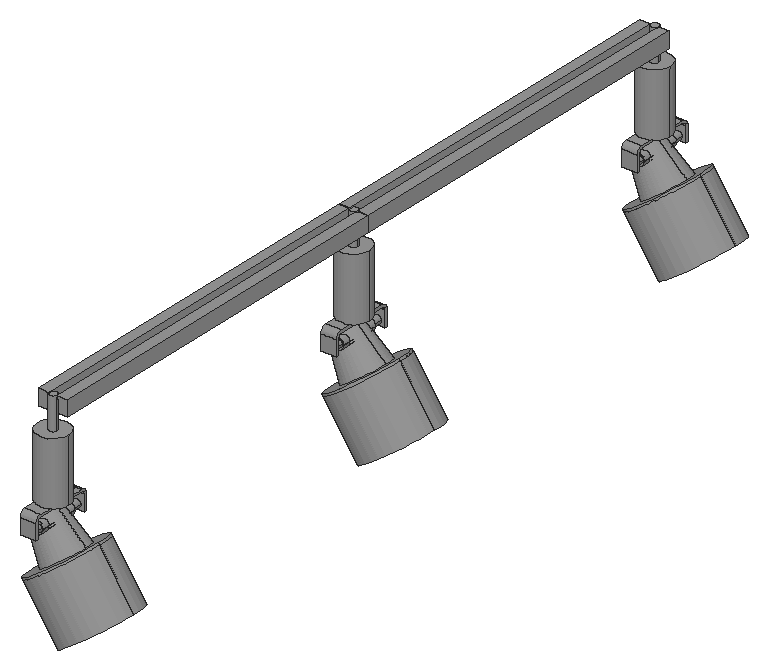
Revit family "Track Light", category Lighting Fixtures, host Ceiling, Revit 2020
Family settings
  Host = Ceiling
  Round Connector Dimension = Use Diameter
  Part Type = Normal
  OmniClass Number = 23.80.70.11
  OmniClass Title = Luminaries for Internal Lighting
  Always vertical = Yes
  Cut with Voids When Loaded = No
  Light Source = No
  Shared = No
  Room Calculation Point = No
Parameters (values of type "Standard")
  Track Lights Num [instance] = 3
  Track Light Type = Track_Light_1 : Track_Light_1
  Material = Metal Trim - Black
  Length [instance] = 4' - 0"
  Default Elevation = 0' - 0"
Reference planes (in)
  plane 1 "Center (Front/Back)": y = 0
  plane 2 "Ceiling": z = 96
  plane 3 "Center (Left/Right)": x = 0
Dimensions and locks (in)
  equal spacing: host sketch curve, plane 3 "Center (Left/Right)", host sketch curve
  equal spacing: host sketch curve, plane 1 "Center (Front/Back)", host sketch curve
  host sketch curve to host sketch curve = 10' - 0"  (x2)
  aligned and locked: plane 3 "Center (Left/Right)" to nested 1
  aligned and locked: nested 1 to plane 1 "Center (Front/Back)"
Nested families (in)
  nested 1: "Track_Light_1" at (0, 24, 0), Material <- "Material", Track Lights Num <- "Track Lights Num", type <- "Track Light Type", Length <- "Length", type "Track_Light_1"
    with X 2, Track Lights Num 3, Spacing Between Lights 2' - 0", Material Metal Trim - Black, Length 4' - 0"
Definition of nested family "Track_Light_1"
  Parameters (values of type "Track_Light_1")
    X [instance] = Track Lights Num - 1  # 3
    Track Lights Num [instance] = 4
    Spacing Between Lights [instance] = Length / X  # 1' - 0"
    Material [instance] = none
    Length [instance] = 3' - 0"
    Default Elevation = 0' - 0"
  Reference planes (in)
    plane 1 "Center (Front/Back)": y = 0
    plane 2 "Ceiling": z = 96
    plane 3 "Center (Left/Right)": x = 0
    plane 4: y = -12
    plane 5: y = -36
    plane 6 "Middle": y = -18
  Dimensions and locks (in)
    equal spacing: host sketch curve, plane 3 "Center (Left/Right)", host sketch curve
    equal spacing: host sketch curve, plane 1 "Center (Front/Back)", host sketch curve
    host sketch curve to host sketch curve = 10' - 0"  (x2)
    "Spacing Between Lights": plane 4 to plane 1 "Center (Front/Back)"
    equal spacing: group 1, group 2, group 3  (x2)
    equal spacing: group 3, group 2, group 1
    "Length": plane 1 "Center (Front/Back)" to plane 5
    equal spacing: plane 5, plane 6 "Middle", plane 1 "Center (Front/Back)"
    aligned and locked: plane 3 "Center (Left/Right)" to nested 1
    aligned and locked: plane 5 to nested 1
    aligned and locked: nested 2 to plane 1 "Center (Front/Back)"
    aligned and locked: plane 3 "Center (Left/Right)" to nested 2
    aligned and locked: plane 3 "Center (Left/Right)" to nested 3
    aligned and locked: nested 3 to plane 4
  Nested families (in)
    nested 1: "T_11" at (0, -36, 0) x (-1, 0, 0) z (0, 0, 1), Material <- "Material", type "T_11"
      with Material none
    nested 2: "Track_Light_11" at (0, 0, 0) x (-1, 0, 0) z (0, 0, 1), Spacing Between Lights <- "Spacing Between Lights", Material <- "Material", type "Track_Light_11"
      with Spacing Between Lights 1' - 0", Material none
    nested 3: "Track_Light_11" at (0, -12, 0) x (-1, 0, 0) z (0, 0, 1), Spacing Between Lights <- "Spacing Between Lights", Material <- "Material", type "Track_Light_11"
      with Spacing Between Lights 1' - 0", Material none
    nested 4: "Track_Light_11" at (0, -24, 0) x (-1, 0, 0) z (0, 0, 1), Spacing Between Lights <- "Spacing Between Lights", Material <- "Material", type "Track_Light_11"
      with Spacing Between Lights 1' - 0", Material none
  Definition of nested family "T_11"
    Parameters (values of type "T_11")
      Wattage = 12.1178 W
      built-in parameter 1150110 = 1 (stored number, unit not read)
      built-in parameter 1114217 = 1 (stored number, unit not read)
      Tilt Angle = 60.00°
      built-in parameter 1150109 = 1 (stored number, unit not read)
      built-in parameter 1150134 = (empty or 0)
      built-in parameter 1150113 = 1 (stored number, unit not read)
      built-in parameter 1010507 = 1.5708 (stored number, unit not read)
      built-in parameter 1010506 = 0.5236 (stored number, unit not read)
      Material [instance] = none
      Lumens = 1800 lm
      built-in parameter 1150115 = 1 (stored number, unit not read)
      built-in parameter 1150105 = 6018.4 (stored number, unit not read)
      Light Source Symbol Length = 10' - 0"
      built-in parameter 1150137 = (empty or 0)
      built-in parameter 1150139 = (empty or 0)
      built-in parameter 1150112 = 1 (stored number, unit not read)
      built-in parameter 1150114 = 1 (stored number, unit not read)
      built-in parameter 1150132 = 2
      built-in parameter 1150102 = (empty or 0)
      built-in parameter 1150138 = (empty or 0)
      built-in parameter 1150107 = 3000 (stored number, unit not read)
      built-in parameter 1150106 = 60.184 (stored number, unit not read)
      built-in parameter 1150104 = 13.8 (stored number, unit not read)
      Dimming Lamp Color Temperature Shift = (empty or 0)
      Default Elevation = 0' - 0"
      Color Filter = 16777215
      built-in parameter 1114218 = 1 (stored number, unit not read)
      built-in parameter 1150133 = 10 (stored number, unit not read)
    Reference planes (in)
      plane 1 "Light Source Axis (F/B)": y = 0
      plane 2 "Ceiling": z = 96
      plane 3 "Light Source Axis (L/R)": x = 0
      plane 4 "Light Source Elevation": z = 85.68468
      plane 5: through (0, -180, 88.91216) normal (0.5736, 0, 0.8192)
      plane 6: through (0, -180, 88.91216) normal (0.8192, 0, -0.5736)
    Forms (in)
      Extrusion 1, solid, material <- "Material"
        sketch origin (0, 0, 96) x (1, 0, 0) y (0, 1, 0)
          loop
            circle (0, 0) r 0.25
        from -2 to 0
      Extrusion 2, solid, material <- "Material"
        sketch origin (0, 0, 96) x (1, 0, 0) y (0, 1, 0)
          loop
            circle (0, 0) r 1
        from -2 to -6
      Extrusion 3, solid, material <- "Material"
        sketch origin (0, 0, 0) x (0, 1, 0) y (0, 0, 1)
          loop
            arc (-1.625, 90) -> (-1.89017, 89.89017) -> (-2, 89.625) r 0.375
            line (-2, 89.625) -> (-2, 88.625) -> (-1.875, 88.625) -> (-1.875, 89.625)
            arc (-1.875, 89.625) -> (-1.80178, 89.80178) -> (-1.625, 89.875) r 0.25
            line (-1.625, 89.875) -> (1.625, 89.875)
            arc (1.625, 89.875) -> (1.80178, 89.80178) -> (1.875, 89.625) r 0.25
            line (1.875, 89.625) -> (1.875, 88.625) -> (2, 88.625) -> (2, 89.625)
            arc (2, 89.625) -> (1.89017, 89.89017) -> (1.625, 90) r 0.375
            line (1.625, 90) -> (-1.625, 90)
        from -0.5 to 0.5
      Extrusion 4, solid, material <- "Material"
        sketch origin (0, 0, 0) x (1, 0, 0) y (0, 0, 1)
          loop
            circle (0, 88.91216) r 0.25
        from 1.875 to -1.875
      Blend 5, solid, material <- "Material"
        base sketch origin (0, -180, 88.91216) x (-0.819152, 0, 0.573576) y (0, -1, 0)
          loop
            circle (-0.3856, -179.99936) r 1
        top sketch origin (0, -180, 88.91216) x (-0.819152, 0, 0.573576) y (0, -1, 0)
          loop
            circle (-0.3856, -179.99936) r 1.5
        from 0.5 to -2
      Extrusion 6, solid, material <- "Material"
        sketch origin (0, -180, 88.91216) x (-0.819152, 0, 0.573576) y (0, -1, 0)
          loop
            circle (-0.3856, -179.99936) r 2.5
        from -2 to -2.125
      Extrusion 7, solid, material <- "Material"
        sketch origin (0, 0, 0) x (1, 0, 0) y (0, 0, 1)
          loop
            circle (0, 88.91216) r 0.375
        from -1.25 to 1.25
      Extrusion 8, solid, material <- "Material"
        sketch origin (0, -180, 88.91216) x (-0.819152, 0, 0.573576) y (0, -1, 0)
          loop
            circle (-0.3856, -179.99936) r 2.5
          loop
            circle (-0.3856, -179.99936) r 2.375
        from -2.125 to -6
    Lines and regions (in)
      symbolic lines
        curve 1: circle (0, 0, 96) r 3 normal (0, 0, 1)
    Dimensions and locks (in)
      equal spacing: host sketch curve, plane 3 "Light Source Axis (L/R)", host sketch curve
      equal spacing: host sketch curve, plane 1 "Light Source Axis (F/B)", host sketch curve
      host sketch curve to host sketch curve = 10' - 0"  (x2)
      aligned and locked: imposter light to plane 3 "Light Source Axis (L/R)"
      aligned and locked: plane 1 "Light Source Axis (F/B)" to imposter light
      aligned and locked: plane 4 "Light Source Elevation" to imposter light
  Definition of nested family "Track_Light_11"
    Parameters (values of type "Track_Light_11")
      Wattage = 12.1178 W
      built-in parameter 1150110 = 1 (stored number, unit not read)
      built-in parameter 1114217 = 1 (stored number, unit not read)
      Tilt Angle = 60.00°
      built-in parameter 1150109 = 1 (stored number, unit not read)
      built-in parameter 1150134 = (empty or 0)
      built-in parameter 1150113 = 1 (stored number, unit not read)
      built-in parameter 1010507 = 1.5708 (stored number, unit not read)
      built-in parameter 1010506 = 0.5236 (stored number, unit not read)
      Spacing Between Lights [instance] = 3' - 6"
      Material [instance] = none
      Lumens = 1800 lm
      built-in parameter 1150115 = 1 (stored number, unit not read)
      built-in parameter 1150105 = 6018.4 (stored number, unit not read)
      Light Source Symbol Length = 10' - 0"
      built-in parameter 1150137 = (empty or 0)
      built-in parameter 1150139 = (empty or 0)
      built-in parameter 1150112 = 1 (stored number, unit not read)
      built-in parameter 1150114 = 1 (stored number, unit not read)
      built-in parameter 1150132 = 2
      built-in parameter 1150102 = (empty or 0)
      built-in parameter 1150138 = (empty or 0)
      built-in parameter 1150107 = 3000 (stored number, unit not read)
      built-in parameter 1150106 = 60.184 (stored number, unit not read)
      built-in parameter 1150104 = 13.8 (stored number, unit not read)
      Dimming Lamp Color Temperature Shift = (empty or 0)
      Default Elevation = 0' - 0"
      Color Filter = 16777215
      built-in parameter 1114218 = 1 (stored number, unit not read)
      built-in parameter 1150133 = 10 (stored number, unit not read)
    Reference planes (in)
      plane 1 "Light Source Axis (F/B)": y = 0
      plane 2 "Ceiling": z = 96
      plane 3 "Light Source Axis (L/R)": x = 0
      plane 4 "Light Source Elevation": z = 85.68468
      plane 5: y = -42
      plane 6: through (0, -180, 88.91216) normal (0.5736, 0, 0.8192)
      plane 7: through (0, -180, 88.91216) normal (0.8192, 0, -0.5736)
    Forms (in)
      Extrusion 1, solid, material <- "Material"
        sketch origin (0, 0, 96) x (1, 0, 0) y (0, 1, 0)
          loop
            circle (0, 0) r 0.25
        from -2 to 0
      Extrusion 2, solid, material <- "Material"
        sketch origin (0, 0, 96) x (1, 0, 0) y (0, 1, 0)
          loop
            line (0.91568, 0) -> (0.25, 0) -> (0.25, -42) -> (0.91568, -42) -> (0.91568, 0)
          loop
            line (-0.91568, 0) -> (-0.91568, -42) -> (-0.25, -42) -> (-0.25, 0) -> (-0.91568, 0)
        from -1 to 0
      Extrusion 3, solid, material <- "Material"
        sketch origin (0, 0, 96) x (1, 0, 0) y (0, 1, 0)
          loop
            circle (0, 0) r 1
        from -2 to -6
      Extrusion 4, solid, material <- "Material"
        sketch origin (0, 0, 0) x (0, 1, 0) y (0, 0, 1)
          loop
            arc (-1.625, 90) -> (-1.89017, 89.89017) -> (-2, 89.625) r 0.375
            line (-2, 89.625) -> (-2, 88.625) -> (-1.875, 88.625) -> (-1.875, 89.625)
            arc (-1.875, 89.625) -> (-1.80178, 89.80178) -> (-1.625, 89.875) r 0.25
            line (-1.625, 89.875) -> (1.625, 89.875)
            arc (1.625, 89.875) -> (1.80178, 89.80178) -> (1.875, 89.625) r 0.25
            line (1.875, 89.625) -> (1.875, 88.625) -> (2, 88.625) -> (2, 89.625)
            arc (2, 89.625) -> (1.89017, 89.89017) -> (1.625, 90) r 0.375
            line (1.625, 90) -> (-1.625, 90)
        from -0.5 to 0.5
      Extrusion 5, solid, material <- "Material"
        sketch origin (0, 0, 0) x (1, 0, 0) y (0, 0, 1)
          loop
            circle (0, 88.91216) r 0.25
        from 1.875 to -1.875
      Blend 6, solid, material <- "Material"
        base sketch origin (0, -180, 88.91216) x (-0.819152, 0, 0.573576) y (0, -1, 0)
          loop
            circle (-0.3856, -179.99936) r 1
        top sketch origin (0, -180, 88.91216) x (-0.819152, 0, 0.573576) y (0, -1, 0)
          loop
            circle (-0.3856, -179.99936) r 1.5
        from 0.5 to -2
      Extrusion 7, solid, material <- "Material"
        sketch origin (0, -180, 88.91216) x (-0.819152, 0, 0.573576) y (0, -1, 0)
          loop
            circle (-0.3856, -179.99936) r 2.5
        from -2 to -2.125
      Extrusion 8, solid, material <- "Material"
        sketch origin (0, 0, 0) x (1, 0, 0) y (0, 0, 1)
          loop
            circle (0, 88.91216) r 0.375
        from -1.25 to 1.25
      Extrusion 9, solid, material <- "Material"
        sketch origin (0, -180, 88.91216) x (-0.819152, 0, 0.573576) y (0, -1, 0)
          loop
            circle (-0.3856, -179.99936) r 2.5
          loop
            circle (-0.3856, -179.99936) r 2.375
        from -2.125 to -6
    Lines and regions (in)
      symbolic lines
        curve 1: line (0, 0, 96) -> (0, -42, 96)
        curve 2: circle (0, 0, 96) r 3 normal (0, 0, 1)
    Dimensions and locks (in)
      equal spacing: host sketch curve, plane 3 "Light Source Axis (L/R)", host sketch curve
      equal spacing: host sketch curve, plane 1 "Light Source Axis (F/B)", host sketch curve
      host sketch curve to host sketch curve = 10' - 0"  (x2)
      "Spacing Between Lights": plane 5 to plane 1 "Light Source Axis (F/B)"
      aligned and locked: imposter light to plane 3 "Light Source Axis (L/R)"
      aligned and locked: plane 1 "Light Source Axis (F/B)" to imposter light
      aligned and locked: plane 4 "Light Source Elevation" to imposter light
      aligned and locked: curve 1 to imposter light
      aligned and locked: Extrusion 4 sketch curve to Extrusion 3
      aligned and locked: Extrusion 4 sketch curve to Extrusion 4 sketch curve
    Automatic sketch dimensions
      plane 1 "Light Source Axis (F/B)" to curve 2 = 0' - 0"
      curve 2 to plane 3 "Light Source Axis (L/R)" = 0' - 0"
      curve 1 to plane 5 = 0' - 0"
      plane 1 "Light Source Axis (F/B)" to curve 1 = 0' - 0"
      plane 1 "Light Source Axis (F/B)" to Extrusion 1 sketch curve = 0' - 0"
      Extrusion 1 sketch curve to plane 3 "Light Source Axis (L/R)" = 0' - 0"
      Extrusion 2 sketch curve to plane 5 = 0' - 0"  (x2)
      plane 1 "Light Source Axis (F/B)" to Extrusion 2 sketch curve = 0' - 0"  (x2)
      Extrusion 2 sketch curve to plane 3 "Light Source Axis (L/R)" = 0' - 0.91568"
      Extrusion 2 sketch curve to plane 3 "Light Source Axis (L/R)" = 0' - 0 1/4"
      plane 3 "Light Source Axis (L/R)" to Extrusion 2 sketch curve = 0' - 0 1/4"
      Extrusion 2 sketch curve to Extrusion 2 sketch curve = 0' - 0.66568"
      plane 1 "Light Source Axis (F/B)" to Extrusion 3 sketch curve = 0' - 0"
      Extrusion 3 sketch curve to plane 3 "Light Source Axis (L/R)" = 0' - 0"
      Extrusion 4 sketch curve to Extrusion 4 sketch curve = 0' - 0"  (x4)
      plane 1 "Light Source Axis (F/B)" to Extrusion 4 sketch curve = 0' - 2"
      Extrusion 4 sketch curve to Extrusion 4 sketch curve = 0' - 0 1/8"
      Extrusion 4 sketch curve to Extrusion 4 sketch curve = 0' - 0 1/4"  (x2)
      Extrusion 4 sketch curve to plane 1 "Light Source Axis (F/B)" = 0' - 1 5/8"
      Extrusion 4 sketch curve to Extrusion 4 sketch curve = 0' - 1"
      plane 1 "Light Source Axis (F/B)" to Blend 6 sketch curve = 0' - 0.00064"  (x2)
      plane 7 to Blend 6 sketch curve = 0' - 0.3856"  (x2)
      plane 1 "Light Source Axis (F/B)" to Extrusion 7 sketch curve = 0' - 0.00064"
      plane 7 to Extrusion 7 sketch curve = 0' - 0.3856"
      Extrusion 8 sketch curve to plane 3 "Light Source Axis (L/R)" = 0' - 0"
      Extrusion 8 sketch curve to plane 6 = 0' - 0"
      Extrusion 8 sketch curve to Extrusion 8 sketch curve = 0' - 0 3/8"
      Extrusion 5 sketch curve to plane 3 "Light Source Axis (L/R)" = 0' - 0"
      Extrusion 5 sketch curve to plane 6 = 0' - 0"
      Extrusion 9 sketch curve to Extrusion 9 sketch curve = 0' - 0"  (x2)
      plane 1 "Light Source Axis (F/B)" to Extrusion 9 sketch curve = 0' - 0.00064"
      plane 7 to Extrusion 9 sketch curve = 0' - 2.8856"
      Extrusion 9 sketch curve to Extrusion 9 sketch curve = 0' - 0 1/8"
      plane 7 to Extrusion 9 sketch curve = 0' - 0.3856"
      radius of curve 2 = 0' - 3"
      radius of Extrusion 1 sketch curve = 0' - 0 1/4"
      radius of Extrusion 3 sketch curve = 0' - 1"
      radius of Blend 6 sketch curve = 0' - 1"
      radius of Blend 6 sketch curve = 0' - 1 1/2"
      radius of Extrusion 7 sketch curve = 0' - 2 1/2"
      radius of Extrusion 5 sketch curve = 0' - 0 1/4"
